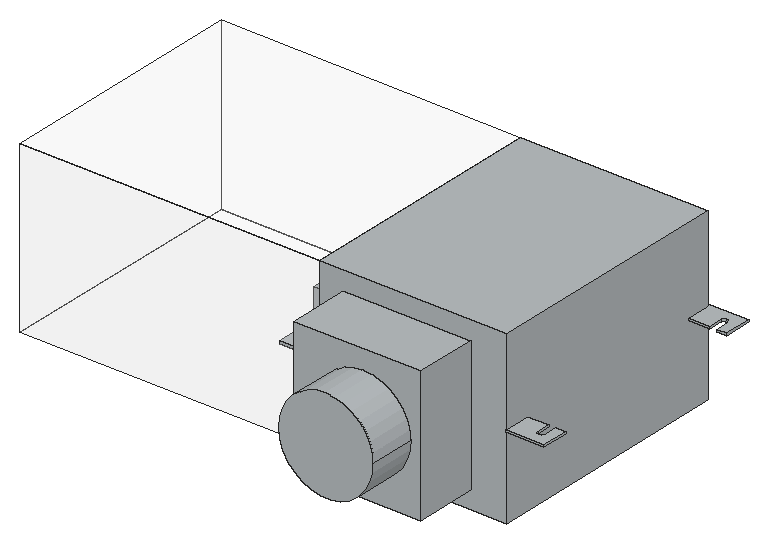
Revit family "bfs-40_210ssua2_stua2_50Hz", category 機械設備, Revit 2019
Family settings
  丸型コネクタ寸法 = 直径を使用
  パーツ タイプ = 割り込み
  OmniClass 番号 = 23.75.35.17.27
  OmniClass タイトル = Centrifugal Fans
  作業面ベース = いいえ
  常に垂直 = はい
  ロード時にボイドで切り取り = いいえ
  共有 = いいえ
  部屋計算ポイント = はい
Parameters (values of type "BFS-40SSUA2")
  騒音レベル(dB(A))_吸込 = 39
  騒音レベル(dB(A))_吐出 = 38
  騒音レベル(dB(A))_側面 = 19.5
  騒音レベル(dB(A)) = 39
  風量 [instance] = 設計風量  # 0.0 m³/h
  電源種別 [instance] = "一般"
  電圧 = 100 V
  電動機出力 = 35 W
  電動機_種別 [instance] = ""
  運転質量 = 0.00 kg
  連動 [instance] = ""
  質量 = if(製品質量 > 運転質量, 製品質量, 運転質量) * 1.2  # 12.60 kg
  負荷分類 = 3_ファン類
  説明 = "ストレートシロッコファン給気タイプ消音形"
  設計風量 [instance] = 0.0 m³/h
  設置方法 = "天吊"
  記号 [instance] = ""
  製造元 = "三菱電機株式会社"
  製品質量 = 10.50 kg
  製品出荷対象 = "国内"
  製品リリース年月 = "2022年6月1日"
  製品グループ = ""
  系統 [instance] = ""
  符号 [instance] = if(☑給気／□排気, "FS", "FE")  # "FE"
  積算_科目 = "2 換気設備"
  積算_拾い区分 [instance] = ""
  相 = 1
  盤記号 [instance] = ""
  盤工事区分 = "電気工事"
  発停方法 [instance] = "別売スイッチ"
  番手 = "#1 1/4"
  特殊仕様 [instance] = ""
  火災停止 = ""
  消費電力 = 70 W
  法定耐用年数 = "15"
  機外静圧 [instance] = 0.0 Pa
  極数 = 2
  極 = 4
  材質 [instance] = ""
  本体マテリアル = 溶融亜鉛めっき鋼板
  操作・制御方式 = ""
  操作・制御スイッチ = ""
  排気量 [instance] = if(☑給気／□排気, 0.0 m³/h, 設計風量)  # 0.0 m³/h
  形式 = ""
  形名 = BFS-SSUA : BFS-40SSUA
  幹線記号 [instance] = ""
  対象室 [instance] = ""
  実風量 = 0.0 m³/h
  始動方式 [instance] = "直入"
  外気量 [instance] = if(☑給気／□排気, 設計風量, 0.0 m³/h)  # 0.0 m³/h
  呼称 = "消音ボックス付送風機"
  周波数 = 50 Hz
  天吊金具ピッチ幅 = 358 mm
  天吊金具ピッチ奥行 = 343 mm
  参照している仕様書等のバージョン = "公共建築工事標準仕様書（機械設備工事編）平成31年度版"
  分類コード = "50052502100020"
  分類グループ = ""
  価格 = 120000
  企業コード = "108420"
  付属品_防振装置 = ""
  付属品 [instance] = ""
  仕様書バージョン = "Version1.0"
  モデル = "BFS-40SSUA2"
  ファンの種類 = "多翼形"
  ダクト径 = 150 mm
  サービススペース = yes
  コメント [instance] = ""
  Keynote = ""
  ☑給気／□排気 [instance] = no
  Width = 282 mm
  Version = ""
  Uniclass2015Version = "Systems v1.9"
  Uniclass2015Title = "Centrifugal fans"
  Uniclass2015Code = "Pr_65_67_29_12"
  URL = "https://www.mitsubishielectric.co.jp/ldg/wink/ssl/displayProduct.do?pid=319104"
  SpecificationReference = ""
  SpecificationDescription = ""
  Revision = ""
  ProductInformation = ""
  OmniClassCode = "23-33 31 19 13 15"
  MIN風量 = 245.0 m³/h
  MIN静圧 = 37.0 Pa
  MID風量 = 0.0 m³/h
  MID静圧 = 0.0 Pa
  MAX風量 = 400.0 m³/h
  MAX静圧 = 67.0 Pa
  M = 70 mm
  IfcTypeProduct = ""
  IfcProduct = ""
  IfcExportType = "CENTRIFUGALFORWARDCURVED"
  IfcExportAs = "IfcFanType"
  Height = 255 mm
  Depth = 378 mm
  Clearance Top = 0 mm  # constant formula
  Clearance Right = 0 mm  # constant formula
  Clearance Left = 450 mm  # constant formula
  Clearance Front = 0 mm  # constant formula
  Clearance Bottom = 0 mm  # constant formula
  Clearance Back = 0 mm  # constant formula
  Author = "三菱電機株式会社"
Types (7, lengths in mm): name | 騒音レベル(dB(A))_吸込 | 騒音レベル(dB(A))_吐出 | 騒音レベル(dB(A))_側面 | 騒音レベル(dB(A)) | 電圧 | 電動機出力 | 質量 | 製品質量 | 符号 | 相 | 番手 | 消費電力 | 極数 | 形名 | 天吊金具ピッチ幅 | 天吊金具ピッチ奥行 | 価格 | モデル | ダクト径 | ☑給気／□排気 | Width | URL | MIN風量 | MIN静圧 | MAX風量 | MAX静圧 | M | Height | Depth
  BFS-40SSUA2 | 39 | 38 | 19.5 | 39 | 100 V | 35 W | 12.60 kg | 10.50 kg | "FE" | 1 | "#1 1/4" | 70 W | 2 | BFS-SSUA : BFS-40SSUA | 358 | 343 | 120000 | "BFS-40SSUA2" | 150 | no | 282 | "https://www.mitsubishielectric.co.jp/ldg/wink/ssl/displayProduct.do?pid=319104" | 245.0 m³/h | 37.0 Pa | 400.0 m³/h | 67.0 Pa | 70 | 255 | 378
  BFS-50SSUA2 | 43.5 | 40.5 | 21.5 | 43.5 | 100 V | 45 W | 15.00 kg | 12.50 kg | "FS" | 1 | "#1 1/4" | 90 W | 2 | BFS-SSUA : BFS-50SSUA | 401 | 388 | 169000 | "BFS-50SSUA2" | 200 | yes | 325 | "https://www.mitsubishielectric.co.jp/ldg/wink/ssl/displayProduct.do?pid=319111" | 430.0 m³/h | 90.0 Pa | 500.0 m³/h | 120.0 Pa | 85 | 255 | 423
  BFS-80SSUA2 | 49.5 | 44 | 26 | 49.5 | 100 V | 110 W | 19.20 kg | 16.00 kg | "FE" | 1 | "#1 1/4" | 175 W | 2 | BFS-SSUA : BFS-80SSUA | 449 | 428 | 189000 | "BFS-80SSUA2" | 200 | no | 373 | "https://www.mitsubishielectric.co.jp/ldg/wink/ssl/displayProduct.do?pid=318461" | 690.0 m³/h | 83.0 Pa | 800.0 m³/h | 115.0 Pa | 85 | 305 | 463
  BFS-100SSUA2 | 50.5 | 50 | 30.5 | 50.5 | 100 V | 200 W | 21.60 kg | 18.00 kg | "FE" | 1 | "#1 1/2" | 220 W | 2 | BFS-SSUA : BFS-100SSUA | 469 | 453 | 211000 | "BFS-100SSUA2" | 200 | no | 393 | "https://www.mitsubishielectric.co.jp/ldg/wink/ssl/displayProduct.do?pid=318847" | 900.0 m³/h | 140.0 Pa | 1000.0 m³/h | 162.0 Pa | 85 | 305 | 488
  BFS-150SSUA2 | 58.5 | 55 | 34 | 58.5 | 100 V | 300 W | 28.20 kg | 23.50 kg | "FE" | 1 | "#1 1/2" | 385 W | 2 | BFS-SSUA : BFS-150SSUA | 467 | 555 | 243000 | "BFS-150SSUA2" | 250 | no | 391 | "https://www.mitsubishielectric.co.jp/ldg/wink/ssl/displayProduct.do?pid=318960" | 1365.0 m³/h | 180.0 Pa | 1500.0 m³/h | 215.0 Pa | 85 | 350 | 590
  BFS-150STUA2 | 56.5 | 55 | 34 | 56.5 | 200 V | 350 W | 28.20 kg | 23.50 kg | "FE" | 3 | "#1 1/2" | 360 W | 3 | BFS-STUA : BFS-150STUA | 467 | 555 | 243000 | "BFS-150STUA2" | 250 | no | 391 | "https://www.mitsubishielectric.co.jp/ldg/wink/ssl/displayProduct.do?pid=318961" | 1200.0 m³/h | 140.0 Pa | 1500.0 m³/h | 215.0 Pa | 85 | 350 | 590
  BFS-210STUA2 | 63 | 59 | 36 | 63 | 200 V | 490 W | 31.80 kg | 26.50 kg | "FE" | 3 | "#1 1/2" | 535 W | 3 | BFS-STUA : BFS-210STUA | 552 | 610 | 373000 | "BFS-210STUA2" | 300 | no | 476 | "https://www.mitsubishielectric.co.jp/ldg/wink/ssl/displayProduct.do?pid=319035" | 0.0 m³/h | 0.0 Pa | 2100.0 m³/h | 200.0 Pa | 100 | 350 | 645
Reference planes
  plane 1 "中心(正面/背面)": y = 0
  plane 2: z = 0
  plane 3 "中心(左/右)": x = 0
  plane 4 "左": x = -141
  plane 5 "右": x = 141
  plane 6 "背面": y = 189
  plane 7 "正面": y = -189
  plane 8: z = 127.5
  plane 9: y = 171.5
  plane 10: y = -171.5
  plane 11: x = 179
  plane 12: x = -179
  plane 13: z = -127.5
  plane 14: y = 189
  plane 15: y = -189
  plane 16: x = 141
  plane 17: x = -591
  plane 18: z = 127.5
  plane 19: z = -127.5
Lines and regions (mm)
  Masking region 1, detail levels coarse+medium
    outline origin (-285.967, -797.878, 0) x (1, 0, 0) y (0, 1, 0)
      loop
        line (144.967, 608.878) -> (426.967, 608.878) -> (426.967, 986.878) -> (144.967, 986.878) -> (144.967, 608.878)
  symbolic lines, detail levels coarse+medium
    curve 1: line (-141, 189, 0) -> (141, 0, 0)
    curve 2: line (141, 0, 0) -> (-141, -189, 0)
Dimensions and locks
  "Width": plane 4 "左" to plane 5 "右"
  equal spacing: plane 7 "正面", plane 1 "中心(正面/背面)", plane 6 "背面"
  "Depth": plane 7 "正面" to plane 6 "背面"
  equal spacing: plane 8, level, plane 13
  "Height": plane 8 to plane 13
  "天吊金具ピッチ幅": plane 12 to plane 11
  equal spacing: plane 10, plane 1 "中心(正面/背面)", plane 9
  "天吊金具ピッチ奥行": plane 10 to plane 9
  "Clearance Back": plane 6 "背面" to plane 14
  "Clearance Front": plane 15 to plane 7 "正面"
  "Clearance Left": plane 17 to plane 4 "左"
  "Clearance Right": plane 5 "右" to plane 16
  "Clearance Top": plane 18 to plane 8
  "Clearance Bottom": plane 13 to plane 19
  equal spacing: plane 12, plane 3 "中心(左/右)", plane 11
  equal spacing: plane 4 "左", plane 3 "中心(左/右)", plane 5 "右"
  aligned and locked: level to plane 2
  aligned and locked: nested 2 to plane 9
  aligned and locked: plane 10 to nested 2
  aligned and locked: plane 12 to nested 2
  aligned and locked: plane 11 to nested 2
  aligned and locked: plane 8 to nested 1
  aligned and locked: nested 1 to plane 13
  aligned and locked: plane 17 to nested 3
  aligned and locked: plane 15 to nested 3
  aligned and locked: plane 18 to nested 3
  aligned and locked: plane 19 to nested 3
  aligned and locked: plane 14 to nested 3
  aligned and locked: plane 4 "左" to nested 3
  aligned and locked: plane 1 "中心(正面/背面)" to nested 1
  aligned and locked: nested 1 to plane 3 "中心(左/右)"
  aligned and locked: plane 5 "右" to Masking region 1
  aligned and locked: Masking region 1 to plane 4 "左"
  aligned and locked: Masking region 1 to plane 6 "背面"
  aligned and locked: plane 7 "正面" to Masking region 1
Automatic sketch dimensions
  plane 12 to Masking region 1 sketch curve = 38 mm
  Masking region 1 sketch curve to plane 5 "右" = 0 mm
  plane 7 "正面" to Masking region 1 sketch curve = 0 mm
  Masking region 1 sketch curve to plane 1 "中心(正面/背面)" = 189 mm
  curve 2 to plane 4 "左" = 0 mm
  curve 1 to plane 4 "左" = 0 mm
  plane 1 "中心(正面/背面)" to curve 1 = 0 mm
  curve 1 to plane 5 "右" = 0 mm
  plane 7 "正面" to curve 2 = 0 mm
  plane 6 "背面" to curve 1 = 0 mm
Nested families
  nested 1: "BFS-SSUA" at (0, 0, -127.5) x (0, -1, 0) z (0, 0, 1), type <- "形名", type "BFS-40SSUA"
  nested 2: "固定点" at (-179, -171.5, 0), type "固定点"
    with W 358 mm, D 343 mm
  nested 3: "サービススペース" at (-366, 0, 0), visible <- "サービススペース", type "サービススペース"
    with Width 450 mm, Height 255 mm, Depth 378 mm
Connectors
  hvac at (0, -353, 0), driven by "ダクト径", driven by "機外静圧", driven by "風量"
    settings: on nested 1, index 2, duct flow 0.0 m³/h, flow factor 0, pres drop 0.0 Pa, loss coef 0, conn angle 0.00°, conn width 304.8 mm, conn height 304.8 mm, conn diameter 150 mm, duct sys type 29, conn prof type 0, flow config 0, flow direction 2, loss method 4, conn ref index -1, conn util no, is conn primary yes, conn desc "Out"
  hvac at (0, 259, 0), driven by "ダクト径", driven by "機外静圧", driven by "風量"
    settings: on nested 1, index 3, duct flow 0.0 m³/h, flow factor 0, pres drop 0.0 Pa, loss coef 0, conn angle 0.00°, conn width 304.8 mm, conn height 304.8 mm, conn diameter 150 mm, duct sys type 29, conn prof type 0, flow config 0, flow direction 1, loss method 4, conn ref index -1, conn util no, is conn primary no, conn desc "In"
  electrical at (-204, -76, -29.5), driven by "極数", driven by "負荷分類", driven by "電圧", driven by "消費電力"
    settings: on nested 1, index 4, voltage 100 V, apparent load 70 VA, apparent load phase1 0 VA, apparent load phase2 0 VA, apparent load phase3 0 VA, power factor 1, load classification "3_ファン類", number of poles 2, system type 30, power factor state 1, is connector primary yes, connector utility no, sub classification motor no, connector description ""
Definition of nested family "BFS-SSUA"
  Parameters (values of type "BFS-40SSUA")
    端子カバー高 = 140 mm  # constant formula
    端子カバー手前位置 = 68 mm
    端子カバー幅 = 63 mm
    端子カバー奥行 = 90 mm  # constant formula
    端子カバー上位置 = 87 mm
    吊りボルトW = 343 mm
    吊りボルトD = 358 mm
    マテリアル = none
    ダクトW = 191 mm
    ダクトH = 201 mm
    カバーD = 63 mm
    φ = 142 mm
    Φ = 160 mm
    kb_z = 25 mm
    h1 = 28 mm
    b = 281 mm
    a = 70 mm
    W2 = 41 mm
    A = 472 mm
    W = 378 mm
    H = 255 mm
    c = 51 mm
    d1 = 55 mm
    D1 = 398 mm
    D = 282 mm
  Types (5, lengths in mm): name | 端子カバー手前位置 | 端子カバー幅 | 端子カバー上位置 | 吊りボルトW | 吊りボルトD | ダクトW | ダクトH | カバーD | φ | Φ | kb_z | h1 | b | a | A | W | H | c | d1 | D1 | D
    BFS-40SSUA | 68 | 63 | 87 | 343 | 358 | 191 | 201 | 63 | 142 | 160 | 25 | 28 | 281 | 70 | 472 | 378 | 255 | 51 | 55 | 398 | 282
    BFS-50SSUA | 68 | 63 | 87 | 388 | 401 | 218 | 252 | 63 | 192 | 208 | 25 | 3.5 | 264 | 85 | 528 | 423 | 255 | 51 | 54 | 441 | 325
    BFS-80SSUA | 69 | 63 | 117 | 428 | 449 | 299 | 273 | 63 | 192 | 208 | 25 | 31 | 331 | 85 | 604 | 463 | 305 | 52 | 37 | 489 | 373
    BFS-100SSUA | 69 | 63 | 117 | 453 | 469 | 272 | 256 | 63 | 192 | 208 | 25 | 25 | 331 | 85 | 609 | 488 | 305 | 52 | 61 | 509 | 393
    BFS-150SSUA | 87 | 71 | 25 | 555 | 467 | 299 | 314 | 71 | 242 | 258 | 150 | 30 | 391 | 85 | 741 | 590 | 350 | 70 | 39 | 507 | 391
  Reference planes
    plane 1 "中心(正面/背面)": y = 0
    plane 2: z = 0
    plane 3 "中心(左/右)": x = 0
    plane 4: y = 141
    plane 5: y = 179
    plane 6: y = 199
    plane 7: y = -141
    plane 8: y = -179
    plane 9: y = -199
    plane 10: x = -189
    plane 11: x = -171.5
    plane 12: x = -192
    plane 13: x = 189
    plane 14: x = 171.5
    plane 15: x = 192
    plane 16: z = 255
    plane 17: z = 600
    plane 18: z = 900
    plane 19: z = 1200
    plane 20: x = -160
    plane 21: x = 121
    plane 22: x = 353
    plane 23: x = -259
    plane 24: z = 127.5
    plane 25: z = 124.5
    plane 26: z = 86.5
    plane 27: x = -151
    plane 28: z = 109.5
    plane 29: x = 151
    plane 30: y = 144
    plane 31: x = 31
    plane 32: z = 168
    plane 33: z = 28
    plane 34: y = -204
    plane 35: x = 283
    plane 36: y = 86
    plane 37: y = -105
    plane 38: z = 227
    plane 39: z = 50
    plane 40: z = 26
  Forms (mm)
    Extrusion 1, solid, material <- "マテリアル", detail levels fine
      sketch origin (0, 0, 0) x (1, 0, 0) y (0, 1, 0)
        loop
          line (-189, 141) -> (-189, -141) -> (189, -141) -> (189, 141) -> (-189, 141)
      from 0 to 255
    Extrusion 2, solid, material <- "マテリアル", detail levels fine
      sketch origin (0, 0, 0) x (1, 0, 0) y (0, 1, 0)
        loop
          line (-192, -141) -> (-192, -199) -> (-151, -199) -> (-151, -184.5) -> (-171.5, -184.5)
          arc (-171.5, -184.5) -> (-177, -179) -> (-171.5, -173.5) r 5.5
          line (-171.5, -173.5) -> (-151, -173.5) -> (-151, -141) -> (-192, -141)
      from 124.5 to 127.5
    Extrusion 3, solid, material <- "マテリアル", detail levels fine
      sketch origin (0, 0, 0) x (1, 0, 0) y (0, 1, 0)
        loop
          line (-192, 141) -> (-151, 141) -> (-151, 173.5) -> (-171.5, 173.5)
          arc (-171.5, 173.5) -> (-177, 179) -> (-171.5, 184.5) r 5.5
          line (-171.5, 184.5) -> (-151, 184.5) -> (-151, 199) -> (-192, 199) -> (-192, 141)
      from 124.5 to 127.5
    Extrusion 4, solid, material <- "マテリアル", detail levels fine
      sketch origin (0, 0, 0) x (-1, 0, 0) y (0, -1, 0)
        loop
          line (-192, -141) -> (-192, -199) -> (-151, -199) -> (-151, -184.5) -> (-171.5, -184.5)
          arc (-171.5, -184.5) -> (-177, -179) -> (-171.5, -173.5) r 5.5
          line (-171.5, -173.5) -> (-151, -173.5) -> (-151, -141) -> (-192, -141)
      from 124.5 to 127.5
    Extrusion 5, solid, material <- "マテリアル", detail levels fine
      sketch origin (0, 0, 0) x (-1, 0, 0) y (0, -1, 0)
        loop
          line (-192, 141) -> (-151, 141) -> (-151, 173.5) -> (-171.5, 173.5)
          arc (-171.5, 173.5) -> (-177, 179) -> (-171.5, 184.5) r 5.5
          line (-171.5, 184.5) -> (-151, 184.5) -> (-151, 199) -> (-192, 199) -> (-192, 141)
      from 124.5 to 127.5
    Extrusion 6, solid, material <- "マテリアル", detail levels fine
      sketch origin (0, 0, 0) x (0, 1, 0) y (0, 0, 1)
        loop
          circle (0, 127.5) r 71
      from -189 to -259
    Extrusion 7, solid, material <- "マテリアル", detail levels fine
      sketch origin (0, 0, 0) x (0, 1, 0) y (0, 0, -1)
        loop
          circle (0, -127.5) r 71
      from -283 to -353
    Extrusion 8, solid, material <- "マテリアル", detail levels fine
      sketch origin (0, 0, 0) x (1, 0, 0) y (0, 0, 1)
        loop
          line (121, 168) -> (31, 168) -> (31, 28) -> (121, 28) -> (121, 168)
      from 141 to 204
    Extrusion 9, solid, material <- "マテリアル", detail levels fine
      sketch origin (0, 0, 0) x (0, 1, 0) y (0, 0, 1)
        loop
          line (-105, 227) -> (-105, 26) -> (86, 26) -> (86, 227) -> (-105, 227)
      from 189 to 283
  Dimensions and locks
    "吊りボルトW": plane 11 to plane 14
    "W": plane 10 to plane 13
    "D1": plane 9 to plane 6
    "吊りボルトD": plane 8 to plane 5
    "D": plane 7 to plane 4
    equal spacing: plane 7, plane 1 "中心(正面/背面)", plane 4
    equal spacing: plane 10, plane 3 "中心(左/右)", plane 13
    "H": plane 16 to level
    locked: plane 13 to plane 15 at 3
    locked: plane 12 to plane 10 at 3
    equal spacing: plane 16, plane 24, level
    locked: plane 24 to plane 25 at 3
    locked: plane 24 to plane 26 at 41
    "W2": plane 12 to plane 27
    locked: plane 25 to plane 28 at 15
    "W2": plane 29 to plane 15
    locked: plane 30 to plane 4 at 3
    "a": plane 23 to plane 10
    "端子カバー手前位置": plane 13 to plane 21
    "b": plane 21 to plane 20
    "端子カバー奥行": plane 21 to plane 31
    "端子カバー高": plane 32 to plane 33
    "端子カバー幅": plane 34 to plane 7
    equal spacing: plane 11, plane 3 "中心(左/右)", plane 14
    equal spacing: plane 9, plane 1 "中心(正面/背面)", plane 6
    equal spacing: plane 8, plane 1 "中心(正面/背面)", plane 5
    "a": plane 35 to plane 22
    "A": plane 10 to plane 35
    "ダクトW": plane 37 to plane 36
    "d1": plane 36 to plane 4
    "ダクトH": plane 38 to plane 40
    "h1": plane 16 to plane 38
    "端子カバー上位置": plane 16 to plane 32
    "φ": diameter of Extrusion 6 sketch curve
    "φ": diameter of Extrusion 7 sketch curve
    aligned and locked: level to plane 2
    aligned and locked: plane 4 to Extrusion 1 sketch curve
    aligned and locked: plane 10 to Extrusion 1 sketch curve
    aligned and locked: Extrusion 1 sketch curve to plane 7
    aligned and locked: Extrusion 1 sketch curve to plane 13
    aligned and locked: plane 16 to Extrusion 1
    aligned and locked: plane 7 to Extrusion 2 sketch curve
    aligned and locked: plane 12 to Extrusion 2 sketch curve
    aligned and locked: Extrusion 2 sketch curve to plane 9
    aligned and locked: Extrusion 2 sketch curve to plane 27  (x2)
    aligned and locked: plane 11 to Extrusion 2 sketch curve
    aligned and locked: plane 8 to Extrusion 2 sketch curve
    aligned and locked: plane 24 to Extrusion 2
    aligned and locked: Extrusion 2 to plane 25
    aligned and locked: plane 27 to Extrusion 3 sketch curve  (x2)
    aligned and locked: plane 5 to Extrusion 3 sketch curve
    aligned and locked: plane 11 to Extrusion 3 sketch curve
    aligned and locked: Extrusion 3 sketch curve to plane 6
    aligned and locked: Extrusion 3 sketch curve to plane 12
    aligned and locked: plane 4 to Extrusion 3 sketch curve
    aligned and locked: plane 24 to Extrusion 3
    aligned and locked: Extrusion 3 to plane 25
    aligned and locked: Extrusion 4 to plane 6
    aligned and locked: plane 15 to Extrusion 4
    aligned and locked: Extrusion 4 to plane 29
    aligned and locked: plane 29 to Extrusion 4 sketch curve  (x2)
    aligned and locked: plane 6 to Extrusion 4 sketch curve
    aligned and locked: Extrusion 4 sketch curve to plane 15
    aligned and locked: plane 5 to Extrusion 4 sketch curve
    aligned and locked: plane 14 to Extrusion 4 sketch curve
    aligned and locked: Extrusion 4 sketch curve to plane 4
    aligned and locked: Extrusion 4 to plane 25
    aligned and locked: plane 24 to Extrusion 4
    aligned and locked: plane 9 to Extrusion 5 sketch curve
    aligned and locked: plane 15 to Extrusion 5 sketch curve
    aligned and locked: Extrusion 5 sketch curve to plane 7
    aligned and locked: Extrusion 5 sketch curve to plane 29  (x2)
    aligned and locked: plane 14 to Extrusion 5 sketch curve
    aligned and locked: plane 8 to Extrusion 5 sketch curve
    aligned and locked: Extrusion 5 to plane 25
    aligned and locked: plane 24 to Extrusion 5
    aligned and locked: plane 1 "中心(正面/背面)" to Extrusion 6 sketch curve
    aligned and locked: plane 24 to Extrusion 6 sketch curve
    aligned and locked: Extrusion 6 to plane 23
    aligned and locked: plane 24 to Extrusion 7 sketch curve
    aligned and locked: plane 1 "中心(正面/背面)" to Extrusion 7 sketch curve
    aligned and locked: plane 22 to Extrusion 7
    aligned and locked: plane 32 to Extrusion 8 sketch curve
    aligned and locked: plane 21 to Extrusion 8 sketch curve
    aligned and locked: Extrusion 8 sketch curve to plane 33
    aligned and locked: Extrusion 8 sketch curve to plane 31
    aligned and locked: Extrusion 8 to plane 7
    aligned and locked: Extrusion 9 sketch curve to plane 38
    aligned and locked: Extrusion 9 sketch curve to plane 37
    aligned and locked: plane 36 to Extrusion 9 sketch curve
    aligned and locked: plane 40 to Extrusion 9 sketch curve
    aligned and locked: plane 35 to Extrusion 9
    aligned and locked: Extrusion 9 to plane 13
    aligned and locked: plane 34 to Extrusion 8
    aligned and locked: plane 10 to Extrusion 6
    aligned and locked: Extrusion 7 to plane 35
  Automatic sketch dimensions
    Extrusion 2 sketch curve to plane 11 = 0 mm
    plane 8 to Extrusion 2 sketch curve = 5.5 mm
    Extrusion 3 sketch curve to plane 11 = 0 mm
    plane 5 to Extrusion 3 sketch curve = 5.5 mm
    Extrusion 4 sketch curve to plane 14 = 0 mm
    Extrusion 4 sketch curve to plane 5 = 5.5 mm
    Extrusion 5 sketch curve to plane 14 = 0 mm
    Extrusion 5 sketch curve to plane 8 = 5.5 mm
Definition of nested family "サービススペース"
  Parameters (values of type "サービススペース")
    Width [instance] = 500 mm
    Height [instance] = 500 mm
    Depth [instance] = 500 mm
  Reference planes
    plane 1 "中心(正面/背面)": y = 0
    plane 2: z = 0
    plane 3 "中心(左/右)": x = 0
    plane 4: y = -250
    plane 5: x = 250
    plane 6: y = 250
    plane 7: x = -250
    plane 8: z = 250
    plane 9: z = -250
  Forms (mm)
    Extrusion 1, solid
      sketch origin (-638.939, 0, 72.39) x (1, 0, 0) y (0, 1, 0)
        loop
          line (388.939, 250) -> (388.939, -250) -> (888.939, -250) -> (888.939, 250) -> (388.939, 250)
      from -322.39 to 177.61
  Lines and regions (mm)
    symbolic lines
      curve 1: line (-250, 0, 250) -> (250, 0, 250)
      curve 2: line (-250, 0, -250) -> (-250, 0, 250)
      curve 3: line (250, 0, -250) -> (-250, 0, -250)
      curve 4: line (250, 0, 250) -> (250, 0, -250)
      curve 5: line (0, -250, 250) -> (0, 250, 250)
      curve 6: line (0, -250, -250) -> (0, -250, 250)
      curve 7: line (0, 250, -250) -> (0, -250, -250)
      curve 8: line (0, 250, 250) -> (0, 250, -250)
      curve 9: line (-250, 250, 0) -> (250, 250, 0)
      curve 10: line (-250, -250, 0) -> (-250, 250, 0)
      curve 11: line (250, -250, 0) -> (-250, -250, 0)
      curve 12: line (250, 250, 0) -> (250, -250, 0)
  Dimensions and locks
    equal spacing: plane 7, plane 3 "中心(左/右)", plane 5
    equal spacing: plane 4, plane 1 "中心(正面/背面)", plane 6
    "Depth": plane 4 to plane 6
    "Width": plane 7 to plane 5
    equal spacing: plane 8, plane 2, plane 9
    "Height": plane 8 to plane 9
    aligned and locked: plane 9 to curve 3
    aligned and locked: plane 7 to curve 2
    aligned and locked: curve 4 to plane 5
    aligned and locked: plane 5 to Extrusion 1
    aligned and locked: Extrusion 1 to plane 7
    aligned and locked: Extrusion 1 to plane 9
    aligned and locked: plane 8 to Extrusion 1
    aligned and locked: plane 9 to curve 7
  Automatic sketch dimensions
    plane 4 to Extrusion 1 sketch curve = 0 mm
    Extrusion 1 sketch curve to plane 7 = 0 mm
    Extrusion 1 sketch curve to plane 5 = 0 mm
    plane 6 to Extrusion 1 sketch curve = 0 mm
    curve 2 to plane 8 = 0 mm
    plane 4 to curve 11 = 0 mm
    curve 11 to plane 7 = 0 mm
    curve 11 to plane 5 = 0 mm
    plane 6 to curve 10 = 0 mm
    curve 7 to plane 4 = 0 mm
    curve 7 to plane 6 = 0 mm
    curve 6 to plane 8 = 0 mm
Definition of nested family "固定点"
  Parameters (values of type "固定点")
    中心円 = 11 mm
    W [instance] = 1000 mm
    D [instance] = 1000 mm
  Reference planes
    plane 1 "中心(正面/背面)": y = 0
    plane 2: z = 0
    plane 3 "中心(左/右)": x = 0
    plane 4: x = 1000
    plane 5: y = 1000
  Lines and regions (mm)
    symbolic lines, detail levels fine
      curve 1: circle (0, 1000, 0) r 5.5 normal (0, 0, 1)
      curve 2: circle (0, 0, 0) r 5.5 normal (0, 0, 1)
      curve 3: circle (1000, 1000, 0) r 5.5 normal (0, 0, 1)
      curve 4: circle (1000, 0, 0) r 5.5 normal (0, 0, 1)
      curve 5: line (-200, 1000, 0) -> (1200, 1000, 0)
      curve 6: line (-200, 0, 0) -> (1200, 0, 0)
      curve 7: line (0, 1200, 0) -> (0, -200, 0)
      curve 8: line (1000, 1200, 0) -> (1000, -200, 0)
  Dimensions and locks
    "W": plane 3 "中心(左/右)" to plane 4
    "D": plane 1 "中心(正面/背面)" to plane 5
    "中心円": diameter of curve 1
    "中心円": diameter of curve 2
    "中心円": diameter of curve 3
    "中心円": diameter of curve 4
    aligned and locked: level to plane 2
    aligned and locked: plane 5 to curve 1
    aligned and locked: plane 3 "中心(左/右)" to curve 1
    aligned and locked: plane 3 "中心(左/右)" to curve 2
    aligned and locked: plane 1 "中心(正面/背面)" to curve 2
    aligned and locked: plane 4 to curve 3
    aligned and locked: plane 5 to curve 3
    aligned and locked: plane 1 "中心(正面/背面)" to curve 4
    aligned and locked: plane 4 to curve 4
    aligned and locked: plane 1 "中心(正面/背面)" to curve 6
    aligned and locked: curve 7 to plane 3 "中心(左/右)"
    aligned and locked: curve 8 to plane 4
  Automatic sketch dimensions
    curve 5 to plane 5 = 0 mm
    curve 6 to plane 3 "中心(左/右)" = 200 mm
    curve 5 to plane 3 "中心(左/右)" = 200 mm
    curve 4 to curve 6 = 200 mm
    curve 3 to curve 5 = 200 mm
    plane 1 "中心(正面/背面)" to curve 8 = 200 mm
    plane 1 "中心(正面/背面)" to curve 7 = 200 mm
    curve 3 to curve 8 = 200 mm
    curve 1 to curve 7 = 200 mm
